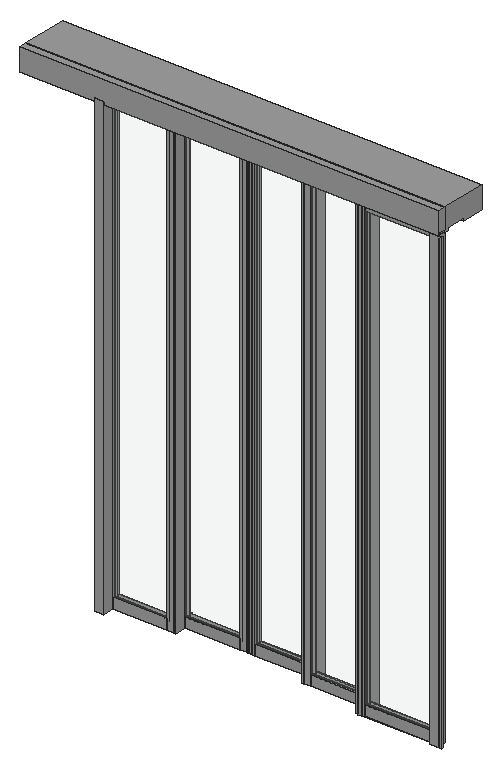
Revit family "agtatec_Record_SldngDrset_D-TSA-Telescopic_WallBased", category Doors, host Wall, Revit 2015
Parameters (values of type "D-TSA 108 mm drive unit height - side panel left")
  WithoutDriveCladding(OnlyApplicableForTypesWithoutSidePanels) = not(WithDriveCladding)  # no
  WithinStandardSizes = and(OpeningWidth > 799.90 mm, OpeningWidth < 3000.10 mm, ClearHeightOfPassage < 3000.10 mm, ClearHeightOfPassage > 1999.90 mm)  # yes
  WithDriveCladding = yes
  With side panels = and(RightPanel, LeftPanel)  # no
  Weight = "Depends on configuration and size"
  WarrantyDurationUnit = "Depends on country"
  WallMountingProfile = yes
  TotalWidth = if(With side panels, SidePanelWidthLeft + SidePanelWidthRight + OpeningWidth, if(RightPanel, SidePanelWidthRight + OpeningWidth + 44.00 mm, if(LeftPanel, SidePanelWidthLeft + OpeningWidth + 44.00 mm, OpeningWidth + 88.00 mm)))  # 1644.00 mm
  TotalHeight = ClearHeightOfPassage + DriveUnitHeight  # 2295.00 mm
  SustainabilityPerformance = "n/a"
  SupportLength = SidePanelWidthLeft + SidePanelWidthRight + OpeningWidth + DriveUnitExtraWidthRight + DriveUnitExtraWidthLeft  # 2000.00 mm
  SideVoidRight = if(and(RightPanel, Offset = 0.00 mm), SidePanelWidthRight - 14.00 mm, if(and(not(RightPanel), Offset = 0.00 mm), 26.00 mm, if(and(not(RightPanel), Offset > 1.00 mm), 44.00 mm, SidePanelWidthRight)))  # 26.00 mm
  SideVoidLeft = if(and(LeftPanel, Offset = 0.00 mm), SidePanelWidthLeft - 14.00 mm, if(and(not(LeftPanel), Offset = 0.00 mm), 26.00 mm, if(and(not(LeftPanel), Offset > 1.00 mm), 44.00 mm, SidePanelWidthLeft)))  # 386.00 mm
  SidePanelWidthRight = (OpeningWidth / 4) + 100.00 mm + ExtraRight  # 400.00 mm
  SidePanelWidthLeft = (OpeningWidth / 4) + 100.00 mm + ExtraLeft  # 400.00 mm
  ServiceLifeType = "n/a"
  SecurityRating = "None"
  RightPanel = no
  Revision = "n/a"
  ProductInformation = "www.agta-record.com"
  Process = "n/a"
  PassageMountingProfile(OnlyApplicableForTypesWithTwoSidePanels) = not(WallMountingProfile)  # no
  PanelHeight = ClearHeightOfPassage + 13.00 mm  # 2200.00 mm
  PanelFrames = agtatec_Record_Sliding Door, Aluminium
  PanelFill = agtatec_Record_Sliding Door, Laminated Safety Glass (Clear)
  Operation = "n/a"
  OpeningWidthInWall = if(Offset = 0.00 mm, OpeningWidth - 52.00 mm, OpeningWidth)  # 1148.00 mm
  OpeningWidth = 1200.00 mm
  OpeningAxis = CenterOfDoor + DriveUnitExtraWidthRight + ((SidePanelWidthRight + (OpeningWidth / 2)) - CenterOfDoor)  # 1000.00 mm
  OffsetFromWallTop = 0.00 mm
  OffsetFromWallSide = 0.00 mm
  OffsetFromInteriorWallFace(OnlyApplicableForTypesWithTwoSidePanels) = 0.00 mm
  Thickness = 0.00 mm
  Offset = if(not(With side panels), 0.00 mm, [OffsetFromInteriorWallFace(OnlyApplicableForTypesWithTwoSidePanels)])  # 0.00 mm
  Name = "SldngDrset_D-TSA-Telescopic_WallBased_Record"
  NBSTypeID = "n/a"
  NBSReference = "25-50-20/175"
  NBSOfficeMasterTag = "n/a"
  NBSNote = "n/a"
  NBSDescription = "Sliding Doorset"
  NBSCertification = "n/a"
  ModelNumber = "n/a"
  ModelLabel = "n/a"
  MethodOfMeasurement = "n/a"
  ManufacturerName = "Record"
  LeftPanel = yes
  InstallationDate [instance] = "1900-12-31T23:59:59"
  InnerPanelWidth2 = (OpeningWidth / 4) + 20.00 mm  # 320.00 mm
  InnerPanelWidth1 = (OpeningWidth / 4) + 32.00 mm  # 332.00 mm
  IfcExportType = "Door"
  IfcExportAs = "IfcDoorType"
  Grade = "n/a"
  GlazingAreaFraction = "Depends on size. Can be calculated"
  Function = Exterior
  FloorGuide = agtatec_Record_Sliding Door, Stainless Steel
  FireRating = "None"
  Fire Rating = "n/a"
  Features = "n/a"
  ExtraWidthRight = 0.00 mm
  DriveUnitExtraWidthRight = 0.00 mm
  DriveUnitExtraWidthLeft = 0.00 mm
  Width = TotalWidth  # 1644.00 mm
  WarrantyStartDate [instance] = "1900-12-31T23:59:59"
  WarrantyGuarantorParts = "Local door manufacturer"
  WarrantyGuarantorLabour = "Local door manufacturer"
  WarrantyDurationParts = "Depends on country"
  WarrantyDurationLabour = "Depends on country"
  WarrantyDescription = "Depends on country"
  Version = "Version 1.0"
  Uniclass2 = "Ss_25_30_20_77"
  URL = "www.agta-record.com"
  Type Comments = "n/a"
  ThresholdStripping = "No additional required, part of the doorset"
  ThresholdRequired = yes
  ThermalTransmittance = 0
  TagNumber [instance] = "n/a"
  SmokeStop = no
  Size = "n/a"
  Shape = "Rectangular"
  ServiceLifeDuration = "10-15 years"
  SerialNumber [instance] = "n/a"
  SelfClosing = yes
  Rough Width = TotalWidth + OffsetFromWallSide + 6.00 mm  # 1650.00 mm
  Rough Height = TotalHeight + OffsetFromWallTop + 6.00 mm  # 2301.00 mm
  ReplacementCost = "Depends on the configuration and door type"
  ReferenceStandard = "EN16005, EN16361, DIN 18650, etc."
  Reference = "n/a"
  ProductionYear = "n/a"
  PassageWidthOptions = "n/a"
  NominalWidth = TotalWidth  # 1644.00 mm
  NominalLength = 0.00 mm
  NominalHeight = TotalHeight  # 2295.00 mm
  ModelReference = "Depends on the configuration"
  Model = "record Telescopic Linear Slider"
  Material = "Aluminium"
  ManufacturerURL = "www.agta-record.com"
  Manufacturer = "info@recorduk.co.uk"
  LeafColourOptions = "All RAL, customer specific"
  Keynote = "n/a"
  IssueDate = "n/a"
  IsExternal = yes
  Infiltration = "n/a"
  Height = TotalHeight  # 2295.00 mm
  HasDrive = yes
  HandicapAccessible = yes
  GlassType = "Part of glazing spec"
  GlassThickness2 = "6 mm (default)"
  GlassThickness1 = "6 mm (default)"
  GlassLayers = 2
  FrameSeal = yes
  FrameProfile = "Aluminium"
  FrameMaterial = "Aluminium"
  FrameFinishOptions = "n/a"
  FireExit = no
  Finish = "Powder coated, Anodized, customer specific"
  ExtraWidthLeft = 0.00 mm
  ExtraRight = if(not(RightPanel), 0.00 mm, ExtraWidthRight)  # 0.00 mm
  ExtraLeft = if(not(LeftPanel), 0.00 mm, ExtraWidthLeft)  # 0.00 mm
  ExpectedLife = "n/a"
  ElectronicLock = yes
  DurationUnit = "year"
  DriveUnitHeight = 108.00 mm
  DriveUnit = agtatec_Record_Sliding Door, Sheet Metal (Painted Steel)
  DoorsetOperation = "Automatic"
  DoorsetFasteners = "Screws"
  DoorSeal = "yes"
  DoorOpening = 0.00 mm
  DoorNumber = "n/a"
  DoorIncluded = yes
  Documentation = "n/a"
  DocumentReference = "n/a"
  Description = "Automatic Sliding Door"
  Cost = 0
  Controller = "n/a"
  Construction Type = "Automatic Sliding Door"
  Constituents = "n/a"
  Configuration = "1 or 2"
  Colour = "Customer specific"
  CodePerformance = "n/a"
  ClearanceZones = no
  ClearHeightOfPassage = 2187.00 mm
  CenterOfDoor = SupportLength / 2  # 1000.00 mm
  Category = "n/a"
  BreakoutFacility = "n/a"
  BarCode [instance] = "n/a"
  BIMObjectName = "agtatec_Record_SlidingDoorset_D-TSA-Telescopic_WallBased"
  Author = "agtatec"
  AssetType = "n/a"
  AssetIdentifier [instance] = "n/a"
  Assembly Code = "B2030110"
  AntiFingerTrapRequirement = yes
  AlternativeDoorsetGlazing = "Part of glazing spec"
  AcousticRating = "None"
  AccessoryOptions = "Contact manufacturer"
  AccessibilityPerformance = "n/a"
Reference planes
  plane 1: y = 0
  plane 2 "Center (Left/Right)": x = 0
  plane 3 "Wall Edge": y = 76.2
  plane 4: x = 574
  plane 5: x = -574
  plane 6: x = 960
  plane 7: x = -600
  plane 8: z = 2295
  plane 9: x = -1000
  plane 10: x = 0
Lines and regions (mm)
  Opening 1
    outline origin (-1524, -76.2, 0) x (1, 0, 0) y (0, 0, 1)
      loop
        line (924, 0) -> (2484, 0) -> (2484, 2295) -> (924, 2295) -> (924, 0)
Text (mm)
  text "Placement Side" at (0, 1019.848, 3124.603), in view "Right"
  text "Placement Side" at (-2440.655, 723.012, 0), in view "Ref. Level"
  text "Placement Side" at (0, 2073.289, 3571.227), in view "Left"
Dimensions and locks
  locked: plane 3 "Wall Edge" to host wall
  "OffsetFromWallSide": Opening 1 sketch curve to plane 6
  "SideVoidLeft": plane 6 to plane 4
  "OffsetFromWallSide": plane 7 to Opening 1 sketch curve
  "SideVoidRight": plane 5 to plane 7
  "OffsetFromWallTop": Opening 1 sketch curve to plane 8
  "TotalHeight": plane 8 to level
  "CenterOfDoor": plane 9 to plane 2 "Center (Left/Right)"
  "OpeningAxis": plane 9 to plane 10
  "Offset": nested 1 to plane 3 "Wall Edge"
  equal spacing: plane 5, plane 10, plane 4
  "OpeningWidthInWall": plane 4 to plane 5
Automatic sketch dimensions
  Opening 1 sketch curve to level = 0.00 mm
Nested families
  nested 1: "D-TSA-Telescopic" at (0, 76.2, 0) x (-1, 0, 0) z (0, 0, 1), type "D-TSA 150 mm drive unit height - with two side panels"
    with WarrantyStartDate "Depends on country", TagNumber "n/a", SerialNumber "n/a", InstallationDate "n/a", BarCode "n/a", AssetIdentifier "n/a", With side panels no, Wall Mounting Right no, TotalWidth 1644.00 mm, TotalHeight 2295.00 mm, RightPanel no, DriveUnitHeight 108.00 mm, Width 1644.00 mm, Rough Width 1650.00 mm, Rough Height 2301.00 mm, NominalWidth 1644.00 mm, NominalHeight 2295.00 mm, Height 2295.00 mm, ClearanceZoneRight 1000.00 mm
Definition of nested family "D-TSA-Telescopic"
  Parameters
    WithoutDriveCladding(OnlyApplicableForTypesWithoutSidePanels) = not(WithDriveCladding)  # no
    Without side panels = and(not(RightPanel), not(LeftPanel))  # no
    WithinStandardSizes = and(OpeningWidth > 799.90 mm, OpeningWidth < 3000.10 mm, ClearHeightOfPassage < 3000.10 mm, ClearHeightOfPassage > 1999.90 mm)  # yes
    WithDriveCladding = yes
    With side panels = and(RightPanel, LeftPanel)  # yes
    Weight = "Depends on configuration and size"
    WarrantyDurationUnit = "Depends on country"
    WallMountingProfile = yes
    Wall Mounting Right = and(WallMountingProfile, RightPanel)  # yes
    Wall Mounting Left = and(WallMountingProfile, LeftPanel)  # yes
    TotalWidth = if(With side panels, SidePanelWidthLeft + SidePanelWidthRight + OpeningWidth, if(RightPanel, SidePanelWidthRight + OpeningWidth + 44.00 mm, if(LeftPanel, SidePanelWidthLeft + OpeningWidth + 44.00 mm, OpeningWidth + 88.00 mm)))  # 2000.00 mm
    TotalHeight = ClearHeightOfPassage + DriveUnitHeight  # 2337.00 mm
    Thickness = 0.00 mm
    SustainabilityPerformance = "n/a"
    SupportLength = SidePanelWidthLeft + SidePanelWidthRight + OpeningWidth + DriveUnitExtraWidthRight + DriveUnitExtraWidthLeft  # 2000.00 mm
    SidePanelWidthRight = (OpeningWidth / 4) + 100.00 mm + ExtraRight  # 400.00 mm
    SidePanelWidthLeft = (OpeningWidth / 4) + 100.00 mm + ExtraLeft  # 400.00 mm
    ServiceLifeType = "n/a"
    SecurityRating = "None"
    RightPanel = yes
    Revision = "n/a"
    ProductInformation = "www.agta-record.com"
    Process = "n/a"
    PassageMountingProfile(OnlyApplicableForTypesWithTwoSidePanels) = not(WallMountingProfile)  # no
    Passage Mounting Right = and([PassageMountingProfile(OnlyApplicableForTypesWithTwoSidePanels)], RightPanel)  # no
    Passage Mounting Left = and([PassageMountingProfile(OnlyApplicableForTypesWithTwoSidePanels)], LeftPanel)  # no
    PanelHeight = ClearHeightOfPassage + 13.00 mm  # 2200.00 mm
    PanelFrames = none
    PanelFill = none
    OuterPanelWidthRight = SidePanelWidthRight - 27.00 mm  # 373.00 mm
    OuterPanelWidthLeft = SidePanelWidthLeft - 27.00 mm  # 373.00 mm
    OpeningWidth = 1200.00 mm
    Name = "SldngDrset_D-TSA-Telescopic_Standalone_Record"
    NBSTypeID = "n/a"
    NBSReference = "25-50-20/175"
    NBSOfficeMasterTag = "n/a"
    NBSNote = "n/a"
    NBSDescription = "Sliding Doorset"
    NBSCertification = "n/a"
    ModelNumber = "n/a"
    ModelLabel = "n/a"
    MethodOfMeasurement = "n/a"
    ManufacturerName = "Record"
    LeftPanel = yes
    InterlancingProfileHeight = PanelHeight - 5.00 mm  # 2195.00 mm
    InstallationDate [instance] = "n/a"
    InnerPanelWidth2 = (OpeningWidth / 4) + 20.00 mm  # 320.00 mm
    InnerPanelWidth1 = (OpeningWidth / 4) + 32.00 mm  # 332.00 mm
    IfcExportType = "n/a"
    IfcExportAs = "n/a"
    Grade = "n/a"
    GlazingAreaFraction = "Depends on size. Can be calculated"
    FloorGuide = none
    FireRating = "None"
    Features = "n/a"
    ExtraWidthRight = 0.00 mm
    ExtraWidthLeft = 0.00 mm
    ExtraRight = if(not(RightPanel), 0.00 mm, ExtraWidthRight)  # 0.00 mm
    ExtraLeft = if(not(LeftPanel), 0.00 mm, ExtraWidthLeft)  # 0.00 mm
    ExpectedLife = "n/a"
    DurationUnit = "year"
    DriveUnitHeight = 150.00 mm
    DriveUnitExtraWidthRight = 0.00 mm
    DriveUnitExtraWidthLeft = 0.00 mm
    DriveUnitCenterDistance = (OpeningWidth / 2) + SidePanelWidthRight + DriveUnitExtraWidthRight  # 1000.00 mm
    DriveUnit = none
    DriveDepth2 = if([WithoutDriveCladding(OnlyApplicableForTypesWithoutSidePanels)], 0.00 mm, 37.00 mm)  # 37.00 mm
    DriveDepth = if([WithoutDriveCladding(OnlyApplicableForTypesWithoutSidePanels)], 222.00 mm, 259.00 mm)  # 259.00 mm
    DoorOpening2 = if(DoorOpening1 > 1.00 mm, (OpeningWidth / 2) + DoorOpening1 / 2, OpeningWidth / 2)  # 600.00 mm
    DoorOpening1 = if(DoorOpening > OpeningWidth, OpeningWidth, DoorOpening)  # 0.00 mm
    DoorOpening = 0.00 mm
    Width = TotalWidth  # 2000.00 mm
    WarrantyStartDate [instance] = "Depends on country"
    WarrantyGuarantorParts = "Local door manufacturer"
    WarrantyGuarantorLabour = "Local door manufacturer"
    WarrantyDurationParts = "Depends on country"
    WarrantyDurationLabour = "Depends on country"
    WarrantyDescription = "Depends on country"
    Version = "Version 1.0"
    Uniclass2 = "Ss_25_30_20_77"
    URL = "www.agta-record.com"
    Type Comments = ""
    ThresholdStripping = "No additional required, part of the doorset"
    ThresholdRequired = yes
    ThermalTransmittance = 0
    TagNumber [instance] = "n/a"
    SmokeStop = no
    Size = "n/a"
    Shape = "Rectangular"
    ServiceLifeDuration = "10-15 years"
    SerialNumber [instance] = "n/a"
    SelfClosing = yes
    Rough Width = TotalWidth + 6.00 mm  # 2006.00 mm
    Rough Height = TotalHeight + 6.00 mm  # 2343.00 mm
    ReplacementCost = "Depends on the configuration and door type"
    ReferenceStandard = "EN16005, EN16361, DIN 18650, etc."
    Reference = "n/a"
    ProductionYear = "n/a"
    PassageWidthOptions = "n/a"
    Operation = "n/a"
    NominalWidth = TotalWidth  # 2000.00 mm
    NominalLength = 0.00 mm
    NominalHeight = TotalHeight  # 2337.00 mm
    ModelReference = "Depends on the configuration"
    Model = "record Telescopic Linear Slider"
    Material = "Aluminium"
    ManufacturerURL = "www.agta-record.com"
    Manufacturer = "info@recorduk.co.uk"
    LeafColourOptions = "All RAL, customer specific"
    Keynote = ""
    IssueDate = ""
    IsExternal = yes
    Infiltration = "n/a"
    Height = TotalHeight  # 2337.00 mm
    HasDrive = yes
    HandicapAccessible = yes
    GlassType = "Part of glazing spec"
    GlassThickness2 = "6 mm (default)"
    GlassThickness1 = "6 mm (default)"
    GlassLayers = 2
    Function = 1
    FrameSeal = yes
    FrameProfile = "Aluminium"
    FrameMaterial = "Aluminium"
    FrameFinishOptions = "n/a"
    FireExit = no
    Finish = "Powder coated, Anodized, customer specific"
    ElectronicLock = yes
    DoorsetOperation = "Automatic"
    DoorsetFasteners = "Screws"
    DoorSeal = "yes"
    DoorNumber = "n/a"
    DoorIncluded = yes
    Documentation = "n/a"
    DocumentReference = "n/a"
    DistanceToWall = if([WithoutDriveCladding(OnlyApplicableForTypesWithoutSidePanels)], 20.00 mm, 57.00 mm)  # 57.00 mm
    Description = "Automatic Sliding Door"
    Cost = 0
    Controller = "n/a"
    Construction Type = "Automatic Sliding Door"
    Constituents = "n/a"
    Configuration = "1 or 2"
    Colour = "Customer specific"
    CodePerformance = "n/a"
    ClearanceZones = no
    ClearanceZoneRight = if(or(not(WallMountingProfile), not(RightPanel), DriveUnitExtraWidthRight > 0.00 mm), ((OpeningWidth / 2) + SidePanelWidthRight + DriveUnitExtraWidthRight), (OpeningWidth / 2) + SidePanelWidthRight + DriveUnitExtraWidthRight + 16.00 mm)  # 1016.00 mm
    ClearanceZoneLeft = if(or(not(WallMountingProfile), not(LeftPanel), DriveUnitExtraWidthLeft > 0.00 mm), ((OpeningWidth / 2) + SidePanelWidthLeft + DriveUnitExtraWidthLeft), (OpeningWidth / 2) + SidePanelWidthLeft + DriveUnitExtraWidthLeft + 16.00 mm)  # 1016.00 mm
    ClearHeightOfPassage = 2187.00 mm
    CladdingVoid = if(Without side panels, 3.00 mm, 35.00 mm)  # 35.00 mm
    CladdingProfile = not([WithoutDriveCladding(OnlyApplicableForTypesWithoutSidePanels)])  # yes
    CenterOfDoor = SupportLength / 2  # 1000.00 mm
    Category = "n/a"
    BreakoutFacility = "n/a"
    BarCode [instance] = "n/a"
    BIMObjectName = "agtatec_Record_SlidingDoorset_D-TSA-Telescopic_Standalone"
    Author = "agtatec"
    AssetType = "n/a"
    AssetIdentifier [instance] = "n/a"
    Assembly Code = "B2030110"
    AntiFingerTrapRequirement = yes
    AlternativeDoorsetGlazing = "Part of glazing spec"
    AcousticRating = "None"
    AccessoryOptions = "Contact manufacturer"
    AccessibilityPerformance = "n/a"
  Reference planes
    plane 1 "Center (Front/Back)": y = 0
    plane 2: z = 0
    plane 3 "Ex Center (Left/Right)": x = 0
    plane 4: z = 2337
    plane 5: z = 2187
    plane 6 "2D Lines": z = 100
    plane 7: x = 0
    plane 8: x = 300
    plane 9: x = 600
    plane 10: x = -300
    plane 11: x = -600
    plane 12: x = 0
    plane 13: x = 1000
    plane 14: x = -1000
    plane 15: x = 300
    plane 16: x = -300
    plane 17: y = -57
    plane 18: y = -109
    plane 19: y = -5
    plane 20: x = 312
    plane 21: x = -312
    plane 22: x = -632
    plane 23: x = 632
    plane 24: y = -409
    plane 25: y = -259
    plane 26: y = -5
    plane 27: y = -40
    plane 28: y = -40
    plane 29: z = 2357
    plane 30: x = 332
    plane 31 "Drive Unit Right": x = 1000
    plane 32: x = -332
    plane 33 "Center (Left/Right)": x = 0
    plane 34 "Clearance Zone Left": x = -1016
    plane 35 "Clearance Zone Right": x = 1016
  Forms (mm)
    Extrusion 1, solid, material <- "DriveUnit"
      sketch origin (1000, -4572, 2150) x (0, 0, -1) y (0, -1, 0)
        loop
          line (-187, -4535) -> (-37, -4535) -> (-37, -4518) -> (-50, -4518) -> (-50, -4423) -> (-37, -4423) -> (-37, -4313) -> (-187, -4313) -> (-187, -4535)
      from 0 to 2000 <- "SupportLength"
    Extrusion 2, solid, material <- "PanelFrames", visible <- "Wall Mounting Left"
      sketch origin (0, 0, 0) x (1, 0, 0) y (0, 1, 0)
        loop
          line (-1000, -4) -> (-1000, -40) -> (-960, -40) -> (-960, -38) -> (-997, -38) -> (-997, -3) -> (-960, -3) -> (-960, 0) -> (-1016, 0) -> (-1016, -4) -> (-1000, -4)
      from 0 to 2187
    Extrusion 3, solid, material <- "PanelFrames", visible <- "Wall Mounting Right"
      sketch origin (0, 0, 0) x (1, 0, 0) y (0, 1, 0)
        loop
          line (1016, 0) -> (960, 0) -> (960, -3) -> (997, -3) -> (997, -38) -> (960, -38) -> (960, -40) -> (1000, -40) -> (1000, -4) -> (1016, -4) -> (1016, 0)
      from 0 to 2187
    Extrusion 4, solid, material <- "PanelFrames", visible <- "Passage Mounting Left"
      sketch origin (0, 0, 0) x (1, 0, 0) y (0, 1, 0)
        loop
          line (-1000, 0) -> (-1000, -40) -> (-960, -40) -> (-960, -38) -> (-997, -38) -> (-997, -3) -> (-960, -3) -> (-960, 0) -> (-1000, 0)
      from 0 to 2187
    Extrusion 5, solid, material <- "PanelFrames", visible <- "Passage Mounting Right"
      sketch origin (0, 0, 0) x (1, 0, 0) y (0, 1, 0)
        loop
          line (960, 0) -> (960, -3) -> (997, -3) -> (997, -38) -> (960, -38) -> (960, -40) -> (1000, -40) -> (1000, 0) -> (960, 0)
      from 0 to 2187
    Extrusion 6, solid, visible <- "ClearanceZones"
      sketch origin (0, 0, 0) x (0, 1, 0) y (0, 0, 1)
        loop
          line (0, 2357) -> (-409, 2357) -> (-409, 0) -> (0, 0) -> (0, 2357)
      from -1016 to 1016
    Extrusion 7, solid, material <- "DriveUnit", visible <- "CladdingProfile"
      sketch origin (1000, -4572, 2150) x (0, 0, -1) y (0, -1, 0)
        loop
          line (-187, -4572) -> (-37, -4572) -> (-37, -4535) -> (-187, -4535) -> (-187, -4572)
      from 0 to 2000 <- "SupportLength"
    Extrusion 8, void
      sketch origin (-1000, -40, 1200) x (1, 0, 0) y (0, 0, -1)
        loop
          line (0, -1000) -> (2000, -1000) -> (2000, -987) -> (0, -987) -> (0, -1000)
      from 0 to 35 <- "CladdingVoid"
  Cuts and joins
    Extrusion 8 cuts Extrusion 2
    Extrusion 8 cuts Extrusion 3
    Extrusion 8 cuts Extrusion 4
    Extrusion 8 cuts Extrusion 5
    Extrusion 8 cuts Extrusion 7
  Lines and regions (mm)
    Masking region 1, visible <- "Wall Mounting Left"
      outline origin (0, 0, 0) x (1, 0, 0) y (0, 1, 0)
        loop
          line (-1000, -4) -> (-1000, -40) -> (-960, -40) -> (-960, -38) -> (-997, -38) -> (-997, -3) -> (-960, -3) -> (-960, 0) -> (-1016, 0) -> (-1016, -4) -> (-1000, -4)
    Masking region 2, visible <- "Passage Mounting Left"
      outline origin (0, 0, 0) x (1, 0, 0) y (0, 1, 0)
        loop
          line (-1000, 0) -> (-1000, -40) -> (-960, -40) -> (-960, -38) -> (-997, -38) -> (-997, -3) -> (-960, -3) -> (-960, 0) -> (-1000, 0)
    Masking region 3, visible <- "Wall Mounting Right"
      outline origin (0, 0, 0) x (1, 0, 0) y (0, 1, 0)
        loop
          line (1000, -4) -> (1016, -4) -> (1016, 0) -> (960, 0) -> (960, -3) -> (997, -3) -> (997, -38) -> (960, -38) -> (960, -40) -> (1000, -40) -> (1000, -4)
    Masking region 4, visible <- "Passage Mounting Right"
      outline origin (0, 0, 0) x (1, 0, 0) y (0, 1, 0)
        loop
          line (1000, 0) -> (960, 0) -> (960, -3) -> (997, -3) -> (997, -38) -> (960, -38) -> (960, -40) -> (1000, -40) -> (1000, 0)
    symbolic lines
      curve 1: line (25, 50, 0) -> (175, 50, 0)
      curve 2: line (175, 50, 0) -> (139.645, 85.355, 0)
      curve 3: line (175, 50, 0) -> (139.645, 14.645, 0)
      curve 4: line (-25, 50, 0) -> (-175, 50, 0)
      curve 5: line (-175, 50, 0) -> (-139.645, 85.355, 0)
      curve 6: line (-175, 50, 0) -> (-139.645, 14.645, 0)
  Dimensions and locks
    "DriveUnitHeight": plane 4 to plane 5
    "ClearHeightOfPassage": plane 5 to plane 2
    equal spacing: plane 11, plane 10, plane 3 "Ex Center (Left/Right)", plane 8, plane 9
    "OpeningWidth": plane 11 to plane 9
    "SidePanelWidthRight": plane 9 to plane 13
    "SidePanelWidthLeft": plane 14 to plane 11
    equal spacing: plane 12, plane 3 "Ex Center (Left/Right)", plane 7
    equal spacing: plane 16, plane 3 "Ex Center (Left/Right)", plane 15
    "DoorOpening1": plane 12 to plane 7
    "DoorOpening2": plane 16 to plane 15
    "DistanceToWall": plane 17 to plane 1 "Center (Front/Back)"
    locked: plane 17 to plane 18 at 52
    locked: nested 11 to plane 11 at 12
    locked: plane 9 to nested 12 at 12
    locked: plane 15 to plane 20 at 12
    locked: plane 21 to plane 16 at 12
    "InnerPanelWidth2": plane 22 to plane 21
    "InnerPanelWidth2": plane 20 to plane 23
    "DriveUnitHeight": plane 25 to plane 24
    locked: Extrusion 1 sketch curve to plane 25 at 110
    "DriveDepth": plane 1 "Center (Front/Back)" to plane 25
    locked: plane 29 to plane 4 at 20
    curve 6 to plane 3 "Ex Center (Left/Right)" to curve 3 = 175.00 mm locked, 175.00 mm locked
    "InnerPanelWidth1": plane 7 to plane 30
    "DriveDepth2": plane 1 "Center (Front/Back)" to Extrusion 1 sketch curve
    locked: Extrusion 8 sketch curve to plane 5 at 13
    "InnerPanelWidth1": plane 32 to plane 12
    "CenterOfDoor": plane 33 "Center (Left/Right)" to plane 31 "Drive Unit Right"
    "ClearanceZoneRight": plane 3 "Ex Center (Left/Right)" to plane 35 "Clearance Zone Right"
    "ClearanceZoneLeft": plane 34 "Clearance Zone Left" to plane 3 "Ex Center (Left/Right)"
    "DriveUnitCenterDistance": plane 3 "Ex Center (Left/Right)" to plane 31 "Drive Unit Right"
    "SupportLength": Extrusion 8 sketch curve to plane 31 "Drive Unit Right"
    aligned and locked: level to plane 2
    aligned and locked: plane 11 to nested 5
    aligned and locked: nested 6 to plane 9
    aligned and locked: plane 18 to nested 1
    aligned and locked: nested 2 to plane 18
    aligned and locked: plane 18 to nested 13
    aligned and locked: nested 10 to plane 18
    aligned and locked: plane 17 to nested 3
    aligned and locked: nested 4 to plane 17
    aligned and locked: plane 17 to nested 7
    aligned and locked: nested 8 to plane 17
    aligned and locked: nested 9 to plane 17
    aligned and locked: plane 17 to nested 14
    aligned and locked: nested 12 to plane 19
    aligned and locked: plane 19 to nested 6
    aligned and locked: plane 19 to nested 11
    aligned and locked: nested 5 to plane 19
    aligned and locked: nested 8 to plane 15
    aligned and locked: plane 16 to nested 7
    aligned and locked: plane 22 to nested 9
    aligned and locked: nested 3 to plane 22
    aligned and locked: nested 14 to plane 23
    aligned and locked: plane 23 to nested 4
    aligned and locked: Extrusion 1 sketch curve to plane 25
    aligned and locked: Extrusion 5 sketch curve to plane 27
    aligned and locked: plane 27 to Extrusion 3 sketch curve
    aligned and locked: plane 28 to Extrusion 4 sketch curve
    aligned and locked: plane 28 to Extrusion 2 sketch curve
    aligned and locked: plane 28 to Masking region 2 sketch curve
    aligned and locked: Masking region 4 sketch curve to plane 27
    aligned and locked: Masking region 3 sketch curve to plane 27
    aligned and locked: plane 28 to Masking region 1 sketch curve
    aligned and locked: plane 29 to Extrusion 6 sketch curve
    aligned and locked: Extrusion 6 sketch curve to plane 24
    aligned and locked: plane 5 to Extrusion 5
    aligned and locked: plane 5 to Extrusion 3
    aligned and locked: plane 5 to Extrusion 4
    aligned and locked: plane 5 to Extrusion 2
    aligned and locked: nested 13 to plane 30
    aligned and locked: plane 30 to nested 2
    aligned and locked: plane 5 to Extrusion 7 sketch curve
    aligned and locked: plane 5 to Extrusion 8 sketch curve
    aligned and locked: nested 1 to plane 32
    aligned and locked: plane 32 to nested 10
    aligned and locked: Extrusion 6 to plane 35 "Clearance Zone Right"
    aligned and locked: Extrusion 6 to plane 34 "Clearance Zone Left"
    aligned and locked: plane 31 "Drive Unit Right" to Extrusion 8 sketch curve
  Automatic sketch dimensions
    Extrusion 6 sketch curve to level = 0.00 mm
    Extrusion 6 sketch curve to plane 1 "Center (Front/Back)" = 0.00 mm
    curve 6 to plane 1 "Center (Front/Back)" = 50.00 mm
    curve 4 to curve 5 = 35.355 mm
    curve 6 to plane 1 "Center (Front/Back)" = 14.645 mm
    curve 6 to curve 6 = 35.355 mm
    curve 4 to plane 3 "Ex Center (Left/Right)" = 25.00 mm
    plane 3 "Ex Center (Left/Right)" to curve 1 = 25.00 mm
    curve 3 to plane 1 "Center (Front/Back)" = 14.645 mm
    curve 3 to curve 2 = 0.00 mm
    curve 2 to curve 1 = 35.355 mm
    curve 3 to curve 2 = 35.355 mm
    plane 1 "Center (Front/Back)" to Extrusion 5 sketch curve = 0.00 mm
    Extrusion 5 sketch curve to plane 13 = 0.00 mm
    plane 13 to Extrusion 5 sketch curve = 3.00 mm
    Extrusion 5 sketch curve to Extrusion 5 sketch curve = 37.00 mm
    Extrusion 5 sketch curve to Extrusion 5 sketch curve = 0.00 mm
    Extrusion 5 sketch curve to plane 27 = 2.00 mm
    plane 19 to Extrusion 5 sketch curve = 2.00 mm
    plane 1 "Center (Front/Back)" to Extrusion 3 sketch curve = 0.00 mm
    Extrusion 3 sketch curve to plane 13 = 0.00 mm
    plane 13 to Extrusion 3 sketch curve = 3.00 mm
    Extrusion 3 sketch curve to plane 27 = 2.00 mm
    Extrusion 3 sketch curve to Extrusion 3 sketch curve = 37.00 mm
    plane 19 to Extrusion 3 sketch curve = 2.00 mm
    Extrusion 3 sketch curve to Extrusion 3 sketch curve = 0.00 mm
    Extrusion 3 sketch curve to plane 13 = 16.00 mm
    plane 19 to Extrusion 3 sketch curve = 1.00 mm
    plane 1 "Center (Front/Back)" to Masking region 3 sketch curve = 0.00 mm
    Masking region 3 sketch curve to plane 13 = 0.00 mm
    plane 13 to Masking region 3 sketch curve = 3.00 mm
    plane 19 to Masking region 3 sketch curve = 2.00 mm
    Masking region 3 sketch curve to Masking region 3 sketch curve = 37.00 mm
    Masking region 3 sketch curve to plane 27 = 2.00 mm
    Masking region 3 sketch curve to Masking region 3 sketch curve = 0.00 mm
    plane 19 to Masking region 3 sketch curve = 1.00 mm
    Masking region 3 sketch curve to plane 13 = 16.00 mm
    plane 1 "Center (Front/Back)" to Masking region 4 sketch curve = 0.00 mm
    Masking region 4 sketch curve to plane 13 = 0.00 mm
    plane 13 to Masking region 4 sketch curve = 3.00 mm
    plane 19 to Masking region 4 sketch curve = 2.00 mm
    Masking region 4 sketch curve to Masking region 4 sketch curve = 37.00 mm
    Masking region 4 sketch curve to plane 27 = 2.00 mm
    Masking region 4 sketch curve to Masking region 4 sketch curve = 0.00 mm
    plane 1 "Center (Front/Back)" to Masking region 1 sketch curve = 0.00 mm
    Masking region 1 sketch curve to plane 14 = 0.00 mm
    Masking region 1 sketch curve to plane 14 = 16.00 mm
    plane 14 to Masking region 1 sketch curve = 3.00 mm
    Masking region 1 sketch curve to Masking region 1 sketch curve = 37.00 mm
    Masking region 1 sketch curve to plane 27 = 2.00 mm
    Masking region 1 sketch curve to Masking region 1 sketch curve = 0.00 mm
    plane 19 to Masking region 1 sketch curve = 1.00 mm
    plane 19 to Masking region 1 sketch curve = 2.00 mm
    plane 1 "Center (Front/Back)" to Masking region 2 sketch curve = 0.00 mm
    Masking region 2 sketch curve to plane 14 = 0.00 mm
    plane 14 to Masking region 2 sketch curve = 3.00 mm
    Masking region 2 sketch curve to plane 27 = 2.00 mm
    Masking region 2 sketch curve to Masking region 2 sketch curve = 37.00 mm
    plane 19 to Masking region 2 sketch curve = 2.00 mm
    Masking region 2 sketch curve to Masking region 2 sketch curve = 0.00 mm
    plane 1 "Center (Front/Back)" to Extrusion 4 sketch curve = 0.00 mm
    Extrusion 4 sketch curve to plane 14 = 0.00 mm
    plane 14 to Extrusion 4 sketch curve = 3.00 mm
    Extrusion 4 sketch curve to plane 27 = 2.00 mm
    Extrusion 4 sketch curve to Extrusion 4 sketch curve = 37.00 mm
    plane 19 to Extrusion 4 sketch curve = 2.00 mm
    Extrusion 4 sketch curve to Extrusion 4 sketch curve = 0.00 mm
    plane 1 "Center (Front/Back)" to Extrusion 2 sketch curve = 0.00 mm
    Extrusion 2 sketch curve to plane 14 = 0.00 mm
    Extrusion 2 sketch curve to plane 14 = 16.00 mm
    plane 14 to Extrusion 2 sketch curve = 3.00 mm
    Extrusion 2 sketch curve to Extrusion 2 sketch curve = 37.00 mm
    Extrusion 2 sketch curve to plane 27 = 2.00 mm
    Extrusion 2 sketch curve to Extrusion 2 sketch curve = 0.00 mm
    plane 19 to Extrusion 2 sketch curve = 1.00 mm
    plane 19 to Extrusion 2 sketch curve = 2.00 mm
    Extrusion 7 sketch curve to plane 4 = 0.00 mm
    Extrusion 7 sketch curve to plane 1 "Center (Front/Back)" = 0.00 mm
    Extrusion 7 sketch curve to plane 27 = 3.00 mm
    plane 4 to Extrusion 1 sketch curve = 0.00 mm
    Extrusion 1 sketch curve to plane 5 = 0.00 mm  (x2)
    plane 17 to Extrusion 1 sketch curve = 3.00 mm
    Extrusion 1 sketch curve to Extrusion 1 sketch curve = 13.00 mm
  Nested families
    nested 1: "Inner Panel 1" at (0, -109, 0) x (-1, 0, 0) z (0, 0, 1), type "Inner Panel 1"
      with Inner Panel Width 332.00 mm
    nested 2: "Inner Panel 1" at (0, -109, 0), type "Inner Panel 1"
      with Inner Panel Width 332.00 mm
    nested 3: "Inner Panel 2" at (-312, -57, 0) x (-1, 0, 0) z (0, 0, 1), type "Inner Panel 2"
      with Inner Panel Width 320.00 mm
    nested 4: "Inner Panel 2" at (312, -57, 0), type "Inner Panel 2"
      with Inner Panel Width 320.00 mm
    nested 5: "Interlacing profile - Outer" at (-612, -37, 5) x (0, -1, 0) z (0, 0, 1), type "Left"
      with Side Panel yes, Interlacing profile 2 no, Interlacing profile 1 yes
    nested 6: "Interlacing profile - Outer" at (612, -37, 5) x (0, -1, 0) z (0, 0, 1), type "Right"
      with Side Panel yes, Interlacing profile 2 no, Interlacing profile 1 yes
    nested 7: "Interlacing profile - Inner" at (-312, -89, 5) x (0, -1, 0) z (0, 0, 1), type "Inner"
      with Side Panel yes, Interlacing profile 4 no, Interlacing profile 1 yes
    nested 8: "Interlacing profile - Inner" at (312, -89, 5) x (0, -1, 0) z (0, 0, 1), type "Inner"
      with Side Panel yes, Interlacing profile 4 no, Interlacing profile 1 yes
    nested 9: "Interlacing profile - Inner" at (-632, -57, 5) x (0, 1, 0) z (0, 0, 1), type "Left"
      with Side Panel yes, Interlacing profile 4 no, Interlacing profile 1 yes
    nested 10: "Interlacing profile - Inner" at (-332, -109, 5) x (0, 1, 0) z (0, 0, 1), type "Inner"
      with Side Panel yes, Interlacing profile 4 no, Interlacing profile 1 yes
    nested 11: "Outer Panel" at (-612, -5, 0) x (-1, 0, 0) z (0, 0, 1), visible <- "LeftPanel", type "Left Panel"
    nested 12: "Outer Panel" at (612, -5, 0), visible <- "RightPanel", type "Right Panel"
    nested 13: "Interlacing profile - Inner" at (332, -109, 5) x (0, 1, 0) z (0, 0, 1), type "Inner"
      with Side Panel yes, Interlacing profile 4 no, Interlacing profile 1 yes
    nested 14: "Interlacing profile - Inner" at (632, -57, 5) x (0, 1, 0) z (0, 0, 1), type "Right"
      with Side Panel yes, Interlacing profile 4 no, Interlacing profile 1 yes
  Definition of nested family "Inner Panel 1"
    Parameters
      Panel Height = 2200.00 mm
      Panel Glass = none
      Panel Frames = none
      Inner Panel Width = 632.00 mm
    Reference planes
      plane 1 "Center (Front/Back)": y = 0
      plane 2: z = 0
      plane 3 "Center (Left/Right)": x = 0
      plane 4: x = 632
      plane 5: z = 2200
      plane 6: x = 600
      plane 7: x = 37
      plane 8: z = 2181
      plane 9 "Above": z = 42
      plane 10: x = 613.5
      plane 11: x = 23.5
      plane 12: z = 5
      plane 13: x = 622
      plane 14: x = 5
    Forms (mm)
      Extrusion 1, solid, material <- "Panel Frames"
        sketch origin (0, 0, 0) x (1, 0, 0) y (0, 1, 0)
          loop
            line (5, 0) -> (37, 0) -> (37, 2.5) -> (21, 2.5) -> (21, 29.5) -> (37, 29.5) -> (37, 32) -> (5, 32) -> (5, 0)
        from 5 to 2200
      Extrusion 2, solid, material <- "Panel Frames"
        sketch origin (591.5, 0, 0) x (-1, 0, 0) y (0, -1, 0)
          loop
            line (-40.5, 0) -> (-40.5, -32) -> (-8.5, -32) -> (-8.5, -29.5) -> (-24.5, -29.5) -> (-24.5, -2.5) -> (-8.5, -2.5) -> (-8.5, 0) -> (-40.5, 0)
        from 5 to 2200
      Extrusion 3, solid, material <- "Panel Frames"
        sketch origin (-55, 0, 0) x (0, 1, 0) y (0, 0, 1)
          loop
            line (0, 5) -> (14.65, 5) -> (14.65, 26) -> (17.35, 26) -> (17.35, 5) -> (32, 5) -> (32, 55) -> (29.5, 55) -> (29.5, 39) -> (2.5, 39) -> (2.5, 55) -> (0, 55) -> (0, 5)
        from 92 to 655
      Extrusion 4, solid, material <- "Panel Frames"
        sketch origin (75, 0, 0) x (0, 1, 0) y (0, 0, 1)
          loop
            line (0, 2200) -> (0, 2168) -> (2.5, 2168) -> (2.5, 2184) -> (29.5, 2184) -> (29.5, 2168) -> (32, 2168) -> (32, 2200) -> (0, 2200)
        from -38 to 525
      Extrusion 5, solid, material <- "Panel Glass"
        sketch origin (0, 0, 0) x (1, 0, 0) y (0, 1, 0)
          loop
            line (23.5, 28) -> (23.5, 4) -> (613.5, 4) -> (613.5, 28) -> (23.5, 28)
        from 42 to 2181
      Extrusion 6, solid, material <- "Panel Frames"
        sketch origin (0, 0, 0) x (1, 0, 0) y (0, 1, 0)
          loop
            line (0, 32) -> (0, 0) -> (5, 0) -> (5, 32) -> (0, 32)
        from 5 to 2200
    Lines and regions (mm)
      Masking region 1
        outline origin (0, 0, 0) x (1, 0, 0) y (0, 1, 0)
          loop
            line (632, 32) -> (0, 32) -> (0, 0) -> (622, 0) -> (632, 0) -> (632, 32)
      symbolic lines, detail levels fine
        curve 1: line (37, 28, 42) -> (600, 28, 42)
        curve 2: line (37, 4, 42) -> (600, 4, 42)
        curve 6: line (600, 29.5, 42) -> (616, 29.5, 42)
        curve 7: line (616, 29.5, 42) -> (616, 2.5, 42)
        curve 8: line (616, 2.5, 42) -> (600, 2.5, 42)
        curve 9: line (600, 4, 42) -> (613.5, 4, 42)
        curve 10: line (613.5, 4, 42) -> (613.5, 28, 42)
        curve 11: line (613.5, 28, 42) -> (600, 28, 42)
        curve 12: line (37, 29.5, 42) -> (21, 29.5, 42)
        curve 13: line (21, 29.5, 42) -> (21, 2.5, 42)
        curve 14: line (21, 2.5, 42) -> (37, 2.5, 42)
        curve 15: line (37, 4, 42) -> (23.5, 4, 42)
        curve 16: line (23.5, 4, 42) -> (23.5, 28, 42)
        curve 17: line (23.5, 28, 42) -> (37, 28, 42)
      symbolic lines, detail levels medium+fine
        curve 3: line (37, 32, 42) -> (37, 29.5, 42)
        curve 4: line (600, 0, 42) -> (600, 2.5, 42)
        curve 18: line (600, 29.5, 42) -> (600, 32, 42)
        curve 21: line (37, 2.5, 42) -> (37, 0, 42)
      symbolic lines
        curve 5: line (5, 32, 42) -> (5, 0, 42)
        curve 22: line (600, 0, 1084) -> (564.645, 0, 1119.355)
        curve 23: line (600, 0, 1084) -> (564.645, 0, 1048.645)
        curve 24: line (37, 0, 1084) -> (600, 0, 1084)
      symbolic lines, detail levels medium
        curve 19: line (600, 2.5, 42) -> (600, 29.5, 42)
        curve 20: line (37, 29.5, 42) -> (37, 2.5, 42)
    Dimensions and locks
      "Panel Height": plane 5 to plane 2
      "Inner Panel Width": plane 4 to plane 3 "Center (Left/Right)"
      locked: plane 7 to plane 3 "Center (Left/Right)" at 37
      locked: plane 6 to plane 4 at 32
      locked: plane 5 to plane 8 at 19
      locked: plane 9 "Above" to level at 42
      locked: plane 4 to plane 10 at 18.5
      locked: plane 11 to plane 3 "Center (Left/Right)" at 23.5
      locked: plane 13 to plane 4 at 10
      locked: plane 14 to plane 3 "Center (Left/Right)" at 5
      equal spacing: Extrusion 4, curve 24, level
      aligned and locked: plane 2 to level
      aligned and locked: plane 5 to Extrusion 2
      aligned and locked: plane 5 to Extrusion 1
      aligned and locked: Extrusion 1 to Extrusion 2
      aligned and locked: Extrusion 4 to plane 7
      aligned and locked: Extrusion 4 to plane 6
      aligned and locked: Extrusion 3 to plane 7
      aligned and locked: Extrusion 3 to plane 6
      aligned and locked: plane 8 to Extrusion 5
      aligned and locked: Extrusion 5 to plane 9 "Above"
      aligned and locked: Extrusion 5 to plane 10
      aligned and locked: Extrusion 5 to plane 11
      aligned and locked: Extrusion 1 to Extrusion 3
      aligned and locked: Extrusion 3 to Extrusion 2
      aligned and locked: Masking region 1 sketch curve to plane 4
      aligned and locked: Masking region 1 sketch curve to plane 3 "Center (Left/Right)"
      aligned and locked: curve 4 to plane 6
      aligned and locked: curve 3 to plane 7
      aligned and locked: Masking region 1 to Extrusion 1
      aligned and locked: plane 7 to Extrusion 1  (x2)
      aligned and locked: plane 6 to Extrusion 2  (x2)
      aligned and locked: curve 1 to Extrusion 5
      aligned and locked: Extrusion 5 to curve 2
      aligned and locked: Extrusion 1 sketch curve to plane 14
      aligned and locked: Extrusion 1 to plane 14
      aligned and locked: Extrusion 6 sketch curve to plane 14
      aligned and locked: plane 3 "Center (Left/Right)" to Extrusion 6 sketch curve
      aligned and locked: plane 5 to Extrusion 6
    Automatic sketch dimensions
      Extrusion 1 sketch curve to plane 7 = 0.00 mm  (x2)
      plane 1 "Center (Front/Back)" to Extrusion 1 sketch curve = 0.00 mm
      Extrusion 1 sketch curve to plane 11 = 2.50 mm
      Extrusion 1 sketch curve to plane 1 "Center (Front/Back)" = 2.50 mm
      Extrusion 1 sketch curve to Extrusion 1 sketch curve = 27.00 mm
      Extrusion 1 sketch curve to Extrusion 1 sketch curve = 2.50 mm
      Extrusion 2 sketch curve to plane 4 = 0.00 mm
      Extrusion 2 sketch curve to plane 6 = 0.00 mm  (x2)
      plane 1 "Center (Front/Back)" to Extrusion 2 sketch curve = 0.00 mm
      plane 10 to Extrusion 2 sketch curve = 2.50 mm
      Extrusion 2 sketch curve to Extrusion 2 sketch curve = 2.50 mm  (x2)
      Extrusion 2 sketch curve to Extrusion 2 sketch curve = 27.00 mm
      Extrusion 3 sketch curve to plane 1 "Center (Front/Back)" = 0.00 mm
      Extrusion 3 sketch curve to plane 12 = 0.00 mm  (x2)
      Extrusion 3 sketch curve to plane 1 "Center (Front/Back)" = 2.50 mm
      Extrusion 3 sketch curve to Extrusion 3 sketch curve = 14.65 mm
      Extrusion 3 sketch curve to Extrusion 3 sketch curve = 2.70 mm
      plane 9 "Above" to Extrusion 3 sketch curve = 13.00 mm  (x2)
      Extrusion 3 sketch curve to Extrusion 3 sketch curve = 27.00 mm
      Extrusion 3 sketch curve to Extrusion 3 sketch curve = 2.50 mm
      Extrusion 3 sketch curve to Extrusion 3 sketch curve = 21.00 mm
      Extrusion 3 sketch curve to plane 9 "Above" = 3.00 mm
      Extrusion 4 sketch curve to plane 1 "Center (Front/Back)" = 0.00 mm
      Extrusion 4 sketch curve to plane 5 = 0.00 mm
      Extrusion 4 sketch curve to plane 1 "Center (Front/Back)" = 2.50 mm
      plane 8 to Extrusion 4 sketch curve = 3.00 mm
      Extrusion 4 sketch curve to Extrusion 4 sketch curve = 27.00 mm
      Extrusion 4 sketch curve to Extrusion 4 sketch curve = 32.00 mm
      Extrusion 4 sketch curve to plane 8 = 13.00 mm  (x2)
      Extrusion 5 sketch curve to plane 11 = 0.00 mm
      Extrusion 5 sketch curve to plane 10 = 0.00 mm
      Extrusion 5 sketch curve to plane 1 "Center (Front/Back)" = 4.00 mm
      Extrusion 5 sketch curve to Extrusion 5 sketch curve = 24.00 mm
      plane 1 "Center (Front/Back)" to Masking region 1 sketch curve = 0.00 mm
      Masking region 1 sketch curve to plane 13 = 0.00 mm
      Masking region 1 sketch curve to plane 1 "Center (Front/Back)" = 32.00 mm
      curve 9 to plane 10 = 0.00 mm
      curve 17 to plane 11 = 0.00 mm
      curve 5 to plane 14 = 0.00 mm
      plane 1 "Center (Front/Back)" to curve 5 = 0.00 mm
      plane 1 "Center (Front/Back)" to curve 21 = 0.00 mm
      plane 1 "Center (Front/Back)" to curve 4 = 0.00 mm
      curve 6 to plane 10 = 2.50 mm
      curve 13 to plane 11 = 2.50 mm
      curve 16 to curve 1 = 0.00 mm
      curve 12 to curve 16 = 1.50 mm
      curve 6 to curve 1 = 1.50 mm
      curve 5 to curve 12 = 2.50 mm
      curve 3 to curve 3 = 2.50 mm
      curve 18 to curve 6 = 2.50 mm
      curve 11 to curve 1 = 0.00 mm
      curve 10 to plane 1 "Center (Front/Back)" = 4.00 mm
      curve 16 to plane 1 "Center (Front/Back)" = 4.00 mm
      curve 14 to plane 1 "Center (Front/Back)" = 2.50 mm
      curve 8 to plane 1 "Center (Front/Back)" = 2.50 mm
      plane 1 "Center (Front/Back)" to Extrusion 6 sketch curve = 0.00 mm
      Extrusion 6 sketch curve to plane 1 "Center (Front/Back)" = 32.00 mm
      plane 6 to curve 23 = 35.355 mm
      curve 23 to curve 24 = 35.355 mm
      curve 24 to curve 22 = 35.355 mm
      curve 24 to plane 7 = 0.00 mm
      plane 6 to curve 24 = 0.00 mm
  Definition of nested family "Inner Panel 2"
    Parameters
      Panel Height = 2200.00 mm
      Panel Glass = none
      Panel Frames = none
      Inner Panel Width = 600.00 mm
    Reference planes
      plane 1 "Center (Front/Back)": y = 0
      plane 2: z = 0
      plane 3 "Center (Left/Right)": x = 0
      plane 4: x = 600
      plane 5: z = 2200
      plane 6: x = 568
      plane 7: x = 32
      plane 8: z = 2181
      plane 9 "Above": z = 42
      plane 10: x = 581.5
      plane 11: x = 18.5
      plane 12: z = 5
      plane 13: x = 590
      plane 14: x = 10
    Forms (mm)
      Extrusion 1, solid, material <- "Panel Frames"
        sketch origin (0, 0, 0) x (1, 0, 0) y (0, 1, 0)
          loop
            line (0, 0) -> (32, 0) -> (32, 2.5) -> (16, 2.5) -> (16, 29.5) -> (32, 29.5) -> (32, 32) -> (0, 32) -> (0, 0)
        from 5 to 2200
      Extrusion 2, solid, material <- "Panel Frames"
        sketch origin (591.5, 0, 0) x (-1, 0, 0) y (0, -1, 0)
          loop
            line (-8.5, 0) -> (-8.5, -32) -> (23.5, -32) -> (23.5, -29.5) -> (7.5, -29.5) -> (7.5, -2.5) -> (23.5, -2.5) -> (23.5, 0) -> (-8.5, 0)
        from 5 to 2200
      Extrusion 3, solid, material <- "Panel Frames"
        sketch origin (-55, 0, 0) x (0, 1, 0) y (0, 0, 1)
          loop
            line (0, 5) -> (14.65, 5) -> (14.65, 26) -> (17.35, 26) -> (17.35, 5) -> (32, 5) -> (32, 55) -> (29.5, 55) -> (29.5, 39) -> (2.5, 39) -> (2.5, 55) -> (0, 55) -> (0, 5)
        from 87 to 623
      Extrusion 4, solid, material <- "Panel Frames"
        sketch origin (75, 0, 0) x (0, 1, 0) y (0, 0, 1)
          loop
            line (0, 2200) -> (0, 2168) -> (2.5, 2168) -> (2.5, 2184) -> (29.5, 2184) -> (29.5, 2168) -> (32, 2168) -> (32, 2200) -> (0, 2200)
        from -43 to 493
      Extrusion 5, solid, material <- "Panel Glass"
        sketch origin (0, 0, 0) x (1, 0, 0) y (0, 1, 0)
          loop
            line (18.5, 28) -> (18.5, 4) -> (581.5, 4) -> (581.5, 28) -> (18.5, 28)
        from 42 to 2181
    Lines and regions (mm)
      Masking region 1
        outline origin (0, 0, 0) x (1, 0, 0) y (0, 1, 0)
          loop
            line (600, 32) -> (10, 32) -> (0, 32) -> (0, 0) -> (590, 0) -> (600, 0) -> (600, 32)
      symbolic lines, detail levels fine
        curve 1: line (32, 28, 42) -> (568, 28, 42)
        curve 2: line (32, 4, 42) -> (568, 4, 42)
        curve 5: line (568, 29.5, 42) -> (584, 29.5, 42)
        curve 6: line (584, 29.5, 42) -> (584, 2.5, 42)
        curve 7: line (584, 2.5, 42) -> (568, 2.5, 42)
        curve 8: line (568, 4, 42) -> (581.5, 4, 42)
        curve 9: line (581.5, 4, 42) -> (581.5, 28, 42)
        curve 10: line (581.5, 28, 42) -> (568, 28, 42)
        curve 11: line (32, 29.5, 42) -> (16, 29.5, 42)
        curve 12: line (16, 29.5, 42) -> (16, 2.5, 42)
        curve 13: line (16, 2.5, 42) -> (32, 2.5, 42)
        curve 14: line (32, 4, 42) -> (18.5, 4, 42)
        curve 15: line (18.5, 4, 42) -> (18.5, 28, 42)
        curve 16: line (18.5, 28, 42) -> (32, 28, 42)
      symbolic lines, detail levels medium+fine
        curve 3: line (32, 32, 42) -> (32, 29.5, 42)
        curve 4: line (568, 0, 42) -> (568, 2.5, 42)
        curve 17: line (568, 29.5, 42) -> (568, 32, 42)
        curve 20: line (32, 2.5, 42) -> (32, 0, 42)
      symbolic lines, detail levels medium
        curve 18: line (568, 2.5, 42) -> (568, 29.5, 42)
        curve 19: line (32, 29.5, 42) -> (32, 2.5, 42)
      symbolic lines
        curve 21: line (32, 0, 1084) -> (568, 0, 1084)
        curve 22: line (568, 0, 1084) -> (532.645, 0, 1119.355)
        curve 23: line (568, 0, 1084) -> (532.645, 0, 1048.645)
    Dimensions and locks
      "Panel Height": plane 5 to plane 2
      "Inner Panel Width": plane 4 to plane 3 "Center (Left/Right)"
      plane 7 to plane 3 "Center (Left/Right)" = 32.00 mm
      locked: plane 6 to plane 4 at 32
      locked: plane 5 to plane 8 at 19
      locked: plane 9 "Above" to level at 42
      locked: plane 4 to plane 10 at 18.5
      plane 11 to plane 3 "Center (Left/Right)" = 18.50 mm
      locked: plane 13 to plane 4 at 10
      locked: plane 3 "Center (Left/Right)" to plane 14 at 10
      equal spacing: Extrusion 4, curve 21, level
      aligned and locked: plane 2 to level
      aligned and locked: plane 5 to Extrusion 2
      aligned and locked: plane 5 to Extrusion 1
      aligned and locked: Extrusion 1 to Extrusion 2
      aligned and locked: Extrusion 4 to plane 7
      aligned and locked: Extrusion 4 to plane 6
      aligned and locked: Extrusion 3 to plane 7
      aligned and locked: Extrusion 3 to plane 6
      aligned and locked: plane 8 to Extrusion 5
      aligned and locked: Extrusion 5 to plane 9 "Above"
      aligned and locked: Extrusion 5 to plane 10
      aligned and locked: Extrusion 5 to plane 11
      aligned and locked: Extrusion 1 to Extrusion 3
      aligned and locked: Extrusion 3 to Extrusion 2
      aligned and locked: Masking region 1 sketch curve to plane 4
      aligned and locked: Masking region 1 sketch curve to plane 3 "Center (Left/Right)"
      aligned and locked: curve 4 to plane 6
      aligned and locked: curve 3 to plane 7
      aligned and locked: Extrusion 1 to Masking region 1
      aligned and locked: plane 7 to Extrusion 1  (x2)
      aligned and locked: plane 6 to Extrusion 2  (x2)
      aligned and locked: curve 1 to Extrusion 5
      aligned and locked: Extrusion 5 to curve 2
    Automatic sketch dimensions
      plane 1 "Center (Front/Back)" to Masking region 1 sketch curve = 0.00 mm
      Masking region 1 sketch curve to Masking region 1 sketch curve = 32.00 mm
      plane 13 to Masking region 1 sketch curve = 0.00 mm
      Extrusion 2 sketch curve to plane 4 = 0.00 mm
      Extrusion 2 sketch curve to plane 10 = 13.50 mm  (x2)
      plane 1 "Center (Front/Back)" to Extrusion 2 sketch curve = 0.00 mm
      plane 1 "Center (Front/Back)" to Extrusion 2 sketch curve = 2.50 mm
      plane 4 to Extrusion 2 sketch curve = 16.00 mm
      Extrusion 2 sketch curve to Extrusion 2 sketch curve = 27.00 mm
      Extrusion 2 sketch curve to Extrusion 2 sketch curve = 2.50 mm
      plane 11 to Extrusion 1 sketch curve = 13.50 mm  (x2)
      plane 1 "Center (Front/Back)" to Extrusion 1 sketch curve = 0.00 mm
      Extrusion 1 sketch curve to plane 1 "Center (Front/Back)" = 2.50 mm
      Extrusion 1 sketch curve to Extrusion 1 sketch curve = 16.00 mm
      Extrusion 1 sketch curve to Extrusion 1 sketch curve = 27.00 mm
      Extrusion 1 sketch curve to Extrusion 1 sketch curve = 2.50 mm
      Extrusion 3 sketch curve to plane 1 "Center (Front/Back)" = 0.00 mm
      Extrusion 3 sketch curve to plane 12 = 0.00 mm  (x2)
      Extrusion 3 sketch curve to plane 1 "Center (Front/Back)" = 2.50 mm
      Extrusion 3 sketch curve to Extrusion 3 sketch curve = 14.65 mm
      Extrusion 3 sketch curve to Extrusion 3 sketch curve = 2.70 mm
      plane 9 "Above" to Extrusion 3 sketch curve = 13.00 mm  (x2)
      Extrusion 3 sketch curve to Extrusion 3 sketch curve = 27.00 mm
      Extrusion 3 sketch curve to Extrusion 3 sketch curve = 2.50 mm
      Extrusion 3 sketch curve to Extrusion 3 sketch curve = 21.00 mm
      Extrusion 3 sketch curve to plane 9 "Above" = 3.00 mm
      Extrusion 4 sketch curve to plane 1 "Center (Front/Back)" = 0.00 mm
      Extrusion 4 sketch curve to plane 5 = 0.00 mm
      Extrusion 4 sketch curve to plane 1 "Center (Front/Back)" = 2.50 mm
      plane 8 to Extrusion 4 sketch curve = 3.00 mm
      Extrusion 4 sketch curve to Extrusion 4 sketch curve = 27.00 mm
      Extrusion 4 sketch curve to Extrusion 4 sketch curve = 32.00 mm
      Extrusion 4 sketch curve to plane 8 = 13.00 mm  (x2)
      Extrusion 5 sketch curve to plane 11 = 0.00 mm
      Extrusion 5 sketch curve to plane 10 = 0.00 mm
      Extrusion 5 sketch curve to plane 1 "Center (Front/Back)" = 4.00 mm
      Extrusion 5 sketch curve to Extrusion 5 sketch curve = 24.00 mm
      curve 9 to plane 10 = 0.00 mm
      curve 16 to plane 11 = 0.00 mm
      plane 1 "Center (Front/Back)" to curve 4 = 0.00 mm
      plane 1 "Center (Front/Back)" to curve 20 = 0.00 mm
      curve 5 to plane 10 = 2.50 mm
      curve 12 to plane 11 = 2.50 mm
      curve 16 to curve 1 = 0.00 mm
      curve 11 to curve 1 = 1.50 mm
      curve 5 to curve 1 = 1.50 mm
      curve 17 to curve 5 = 2.50 mm
      curve 3 to curve 11 = 2.50 mm
      curve 10 to curve 1 = 0.00 mm
      curve 8 to curve 2 = 0.00 mm
      curve 15 to plane 1 "Center (Front/Back)" = 4.00 mm
      curve 13 to plane 1 "Center (Front/Back)" = 2.50 mm
      curve 8 to curve 7 = 1.50 mm
      plane 3 "Center (Left/Right)" to Extrusion 1 sketch curve = 0.00 mm
      Masking region 1 sketch curve to plane 14 = 0.00 mm
      curve 21 to plane 7 = 0.00 mm
      plane 6 to curve 22 = 0.00 mm
      plane 6 to curve 22 = 35.355 mm
      curve 23 to curve 21 = 35.355 mm
      curve 21 to curve 22 = 35.355 mm
  Definition of nested family "Interlacing profile - Outer"
    Parameters
      Wall Mounting Option 2 = no
      Side Panel = no
      Panel Frames = none
      Interlancing Profile Height = 2195.00 mm
      Interlacing profile 3 = and(Wall Mounting Option 2, not(Side Panel))  # no
      Interlacing profile 2 = and(not(Wall Mounting Option 2), not(Side Panel))  # yes
      Interlacing profile 1 = Side Panel  # no
    Reference planes
      plane 1 "Center (Front/Back)": y = 0
      plane 2: z = 0
      plane 3 "Center (Left/Right)": x = 0
      plane 4: z = 2195
      plane 5 "Above": z = 40
      plane 6: y = -12
      plane 7: x = -32
    Forms (mm)
      Extrusion 1, solid, material <- "Panel Frames", visible <- "Interlacing profile 1"
        sketch origin (0, 0, 0) x (1, 0, 0) y (0, 1, 0)
          loop
            line (0, 0) -> (-32, 0) -> (-32, -12) -> (17, -12) -> (17, 10) -> (0, 10) -> (0, 0)
        from 0 to 2195
      Extrusion 2, solid, material <- "Panel Frames", visible <- "Interlacing profile 2"
        sketch origin (0, 0, 0) x (1, 0, 0) y (0, 1, 0)
          loop
            line (-33.5, 7.5) -> (-33.5, 32) -> (-37, 32) -> (-37, -12) -> (17, -12) -> (17, 10) -> (4.45, 10) -> (4.45, 7.5) -> (-33.5, 7.5)
        from 0 to 2195
      Extrusion 3, solid, material <- "Panel Frames", visible <- "Interlacing profile 3"
        sketch origin (-37, 0, 0) x (1, 0, 0) y (0, 1, 0)
          loop
            line (17, 10) -> (1.7, 10) -> (1.7, 32) -> (0, 32) -> (0, -12) -> (17, -12) -> (17, 10)
        from 0 to 2195
    Lines and regions (mm)
      Masking region 1, visible <- "Interlacing profile 1"
        outline origin (0, 0, 0) x (1, 0, 0) y (0, 1, 0)
          loop
            line (0, 10) -> (0, 0) -> (-32, 0) -> (-32, -12) -> (17, -12) -> (17, 10) -> (0, 10)
      Masking region 2, visible <- "Interlacing profile 2"
        outline origin (0, 0, 0) x (1, 0, 0) y (0, 1, 0)
          loop
            line (17, -12) -> (17, 10) -> (4.45, 10) -> (4.45, 7.5) -> (-33.5, 7.5) -> (-33.5, 32) -> (-37, 32) -> (-37, -12) -> (17, -12)
      Masking region 3, visible <- "Interlacing profile 3"
        outline origin (-37, 0, 0) x (1, 0, 0) y (0, 1, 0)
          loop
            line (17, 10) -> (1.7, 10) -> (1.7, 32) -> (0, 32) -> (0, -12) -> (17, -12) -> (17, 10)
      symbolic lines, visible <- "Interlacing profile 1", detail levels medium+fine
        curve 1: line (0, 10, 40) -> (0, 0, 40)
        curve 2: line (0, 0, 40) -> (-32, 0, 40)
    Dimensions and locks
      "Interlancing Profile Height": plane 4 to level
      aligned and locked: plane 4 to Extrusion 1
      aligned and locked: plane 4 to Extrusion 2
      aligned and locked: plane 4 to Extrusion 3
      aligned and locked: Extrusion 1 to plane 6
    Automatic sketch dimensions
      plane 1 "Center (Front/Back)" to curve 1 = 0.00 mm
      curve 1 to plane 3 "Center (Left/Right)" = 0.00 mm
      curve 2 to plane 3 "Center (Left/Right)" = 32.00 mm
      curve 1 to plane 1 "Center (Front/Back)" = 10.00 mm
      Extrusion 1 sketch curve to plane 6 = 0.00 mm
      plane 1 "Center (Front/Back)" to Extrusion 1 sketch curve = 0.00 mm
      Extrusion 1 sketch curve to plane 3 "Center (Left/Right)" = 0.00 mm
      Extrusion 1 sketch curve to plane 3 "Center (Left/Right)" = 32.00 mm
      plane 3 "Center (Left/Right)" to Extrusion 1 sketch curve = 17.00 mm
      Extrusion 1 sketch curve to plane 1 "Center (Front/Back)" = 10.00 mm
      Masking region 1 sketch curve to plane 6 = 0.00 mm
      plane 1 "Center (Front/Back)" to Masking region 1 sketch curve = 0.00 mm
      Masking region 1 sketch curve to plane 3 "Center (Left/Right)" = 0.00 mm
      Masking region 1 sketch curve to plane 3 "Center (Left/Right)" = 32.00 mm
      plane 3 "Center (Left/Right)" to Masking region 1 sketch curve = 17.00 mm
      Masking region 1 sketch curve to Masking region 1 sketch curve = 10.00 mm
      Extrusion 3 sketch curve to plane 3 "Center (Left/Right)" = 37.00 mm
      Extrusion 3 sketch curve to plane 6 = 0.00 mm
      Extrusion 3 sketch curve to plane 3 "Center (Left/Right)" = 35.30 mm
      Extrusion 3 sketch curve to plane 3 "Center (Left/Right)" = 20.00 mm
      Extrusion 3 sketch curve to plane 1 "Center (Front/Back)" = 10.00 mm
      Extrusion 3 sketch curve to Extrusion 3 sketch curve = 22.00 mm
      Masking region 3 sketch curve to plane 3 "Center (Left/Right)" = 37.00 mm
      Masking region 3 sketch curve to plane 6 = 0.00 mm
      Masking region 3 sketch curve to plane 3 "Center (Left/Right)" = 35.30 mm
      Masking region 3 sketch curve to Masking region 3 sketch curve = 15.30 mm
      Masking region 3 sketch curve to plane 1 "Center (Front/Back)" = 10.00 mm
      Masking region 3 sketch curve to Masking region 3 sketch curve = 22.00 mm
      Extrusion 2 sketch curve to plane 6 = 0.00 mm
      plane 7 to Extrusion 2 sketch curve = 5.00 mm
      plane 7 to Extrusion 2 sketch curve = 1.50 mm
      plane 3 "Center (Left/Right)" to Extrusion 2 sketch curve = 4.45 mm
      Extrusion 2 sketch curve to plane 1 "Center (Front/Back)" = 7.50 mm
      Extrusion 2 sketch curve to Extrusion 2 sketch curve = 2.50 mm
      Extrusion 2 sketch curve to Extrusion 2 sketch curve = 24.50 mm
      plane 3 "Center (Left/Right)" to Extrusion 2 sketch curve = 17.00 mm
      Masking region 2 sketch curve to plane 6 = 0.00 mm
      plane 7 to Masking region 2 sketch curve = 5.00 mm
      plane 7 to Masking region 2 sketch curve = 1.50 mm
      plane 3 "Center (Left/Right)" to Masking region 2 sketch curve = 4.45 mm
      Masking region 2 sketch curve to Masking region 2 sketch curve = 12.55 mm
      Masking region 2 sketch curve to plane 1 "Center (Front/Back)" = 10.00 mm
      Masking region 2 sketch curve to Masking region 2 sketch curve = 24.50 mm
      Masking region 2 sketch curve to Masking region 2 sketch curve = 2.50 mm
  Definition of nested family "Interlacing profile - Inner"
    Parameters
      Wall Mounting Option 2 = no
      Side Panel = no
      Panel Frames = none
      Interlancing Profile Height = 2195.00 mm
      Interlacing profile 5 = and(Wall Mounting Option 2, not(Side Panel))  # no
      Interlacing profile 4 = and(not(Wall Mounting Option 2), not(Side Panel))  # yes
      Interlacing profile 1 = Side Panel  # no
    Reference planes
      plane 1 "Center (Front/Back)": y = 0
      plane 2: z = 0
      plane 3 "Center (Left/Right)": x = 0
      plane 4: z = 2195
      plane 5 "Above": z = 40
      plane 6: y = -12
      plane 7: x = -32
    Forms (mm)
      Extrusion 1, solid, material <- "Panel Frames", visible <- "Interlacing profile 1"
        sketch origin (0, 0, 0) x (1, 0, 0) y (0, 1, 0)
          loop
            line (0, 0) -> (-32, 0) -> (-32, -12) -> (17, -12) -> (17, 10) -> (0, 10) -> (0, 0)
        from 0 to 2195
      Extrusion 2, solid, material <- "Panel Frames", visible <- "Interlacing profile 4"
        sketch origin (0, 0, 0) x (1, 0, 0) y (0, 1, 0)
          loop
            line (0, 0) -> (-32, 0) -> (-32, -12) -> (49, -12) -> (49, -10) -> (12, -10) -> (12, 10) -> (0, 10) -> (0, 0)
        from 0 to 2195
